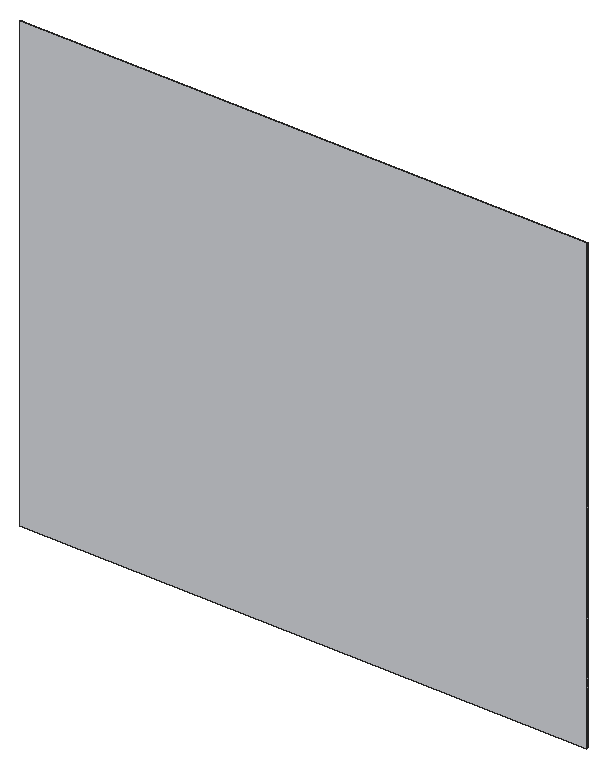
Revit family "27827AIR", category Generic Models, Revit 2017
Family settings
  Can host rebar = No
  Round Connector Dimension = Use Diameter
  Part Type = Normal
  Work Plane-Based = No
  Always vertical = Yes
  Cut with Voids When Loaded = No
  Shared = No
  Room Calculation Point = No
Parameters
  W = 1490 mm
  H = 1190 mm
  Whiteboard = none
  Base = none
Reference planes
  plane 1 "Center (Front/Back)": y = 0
  plane 2: z = 0
  plane 3 "Center (Left/Right)": x = 0
  plane 4: y = 0.5
  plane 5: y = 10.5
  plane 6: z = 1190
  plane 7: x = -745
  plane 8: x = 745
  plane 9: y = 4
Forms (mm)
  Extrusion 1, solid, material <- "Whiteboard"
    sketch origin (0, 0, 0) x (1, 0, 0) y (0, 0, 1)
      loop
        line (-745, 1190) -> (-745, 0) -> (745, 0) -> (745, 1190) -> (-745, 1190)
    from -0.5 to 0
  Extrusion 2, solid, material <- "Base"
    sketch origin (0, 0, 0) x (1, 0, 0) y (0, 0, 1)
      loop
        line (-745, 1190) -> (-745, 0) -> (745, 0) -> (745, 1190) -> (-745, 1190)
    from -10.5 to -0.5
  Sweep 3, void
    path origin (0, 10.5, 0) x (1, 0, 0) y (0, 0, 1)
      loop
        line (-745, 1190) -> (-745, 0) -> (745, 0) -> (745, 1190) -> (-745, 1190)
    profile origin (0, 10.5, 1190) x (0, 0, 1) y (0, -1, 0)
      loop
        line (0, 0) -> (0, 6.5) -> (-6.5, 0) -> (0, 0)
Cuts and joins
  Sweep 3 cuts Extrusion 2
Dimensions and locks
  locked: plane 4 to plane 1 "Center (Front/Back)" at 0.5
  locked: plane 5 to plane 4 at 10
  equal spacing: plane 8, plane 3 "Center (Left/Right)", plane 7
  "W": plane 8 to plane 7
  "H": plane 6 to level
  aligned and locked: level to plane 2
  aligned and locked: Extrusion 1 sketch curve to plane 6
  aligned and locked: plane 7 to Extrusion 1 sketch curve
  aligned and locked: plane 2 to Extrusion 1 sketch curve
  aligned and locked: Extrusion 1 sketch curve to plane 8
  aligned and locked: plane 4 to Extrusion 1
  aligned and locked: plane 1 "Center (Front/Back)" to Extrusion 1
  aligned and locked: Extrusion 2 sketch curve to Extrusion 1  (x4)
  aligned and locked: plane 5 to Extrusion 2
  aligned and locked: Extrusion 2 to plane 4
  aligned and locked: Sweep 3 sketch curve to Extrusion 1  (x4)
Automatic sketch dimensions
  Sweep 3 sketch curve to profile plane = 0 mm
  profile plane to Sweep 3 sketch curve = 0 mm
  profile plane to Sweep 3 sketch curve = 6.5 mm  (x2)
